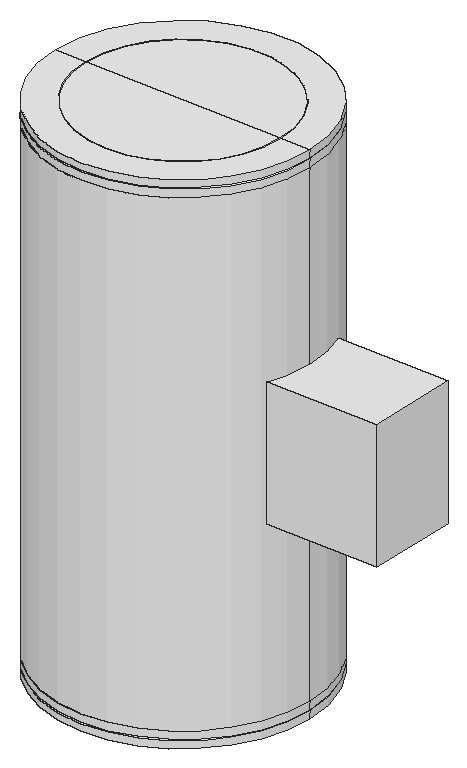
Revit family "Platek_Monaco_200_Applique_1_Opening", category Apparecchi per illuminazione, Revit 2018
Family settings
  Quota connettore circolare = Usa diametro
  Tipo di parte = Normale
  Basato su piano di lavoro = No
  Sempre verticale = Sì
  Taglio con vuoti quando caricato = No
  Sorgente d'illuminazione = Sì
  Condiviso = No
  Punto di calcolo locali = No
Parameters (values of type "8442418_21W_LED_3000K")
  Wattage = 10.8723 W
  Variazione temperatura colore lampada con luminosità attenuata = <Nessuno>
  URL = "www.platek.eu"
  built-in parameter 1150107 = 3000 (stored number, unit not read)
  Supply Voltage Min = 220 V
  Supply Voltage Max = 240 V
  Supply Voltage = 230 V
  Rendi la forma visibile nel rendering = no
  Produttore = "PLATEK SRL"  # constant formula
  Product Page URL = "https://www.platek.eu/ita/searching.php?search=8442418"
  Product Documentation Link = "https://www.platek.eu/ita/searching.php?search=8442418"
  Product Dimension = "L280mm x L200mm x 400mm"
  Power Supply Unit = "Included"
  built-in parameter 1150110 = 1 (stored number, unit not read)
  built-in parameter 1150109 = 1 (stored number, unit not read)
  built-in parameter 1114218 = 1 (stored number, unit not read)
  built-in parameter 1150112 = 1 (stored number, unit not read)
  PLATEK Article Code = "8442418"
  Nota chiave = "Other LED colors available on request"
  built-in parameter 1150142 = "IESNA:LM-63-2002\r\n[TEST] p1001-Q-Tech-Platek_Oblo\r\n[TESTLAB] Platek Light s.r.l.\r\n[TESTDATE] 21 Oct 2016\r\n[ISSUEDATE] 21 Oct 2016\r\n[MANUFAC] Platek Light s.r.l.\r\n[LUMCAT] 8442418\r\n[LUMINAIRE] Monaco 200 Applique 1F 21W (12 LED) 3000K 49° 220-240V 50/60Hz\r\n[FLASHAREA] 0.002299\r\n[LAMPCAT] 12x LED\r\n[LAMP] 12x LED - 21.00 W\r\nTILT=NONE\r\n1 1615.00 1.0 31 1 1 2 -0.110 -0.110 0.000\r\n1.00 1.00 21.00\r\n0.00 3.00 6.00 9.00 12.00 15.00 18.00 21.00 24.00 27.00 \r\n30.00 33.00 36.00 39.00 42.00 45.00 48.00 51.00 54.00 \r\n57.00 60.00 63.00 66.00 69.00 72.00 75.00 78.00 81.00 \r\n84.00 87.00 90.00 \r\n0.00 \r\n2222.78 2217.66 2211.56 2209.54 2171.77 2041.42 1816.48 \r\n1512.72 1165.30 831.76 562.23 375.15 256.75 183.83 137.84 \r\n107.63 86.71 71.17 58.98 48.73 39.51 31.13 23.72 17.46 \r\n12.15 7.77 4.32 1.81 0.49 0.19 0.00 \r\n"
  Mounting Type = "Wall"
  Modello = "Monaco 200 1Opening"  # constant formula
  built-in parameter 1150137 = (empty or 0)
  built-in parameter 1150132 = 2
  Manufacturer Comment = "1 Opening"
  Luminaure Luminous Intensity = 2223 cd
  Luminaire Wattage = 21 W
  Luminaire Luminous Flux = 1615 lm
  Lampada = "LED"
  LED Protection = "Surge protection included"
  built-in parameter 1150105 = 2222.8 (stored number, unit not read)
  built-in parameter 1150102 = (empty or 0)
  Insulation Class = "1"
  Inside Body = PLK_Optic
  Immagine tipo = monaco_200_applique.jpg
  built-in parameter 1150106 = 22.228 (stored number, unit not read)
  IP Rating = "IP65"
  IK Rating = "IK10"
  Glass = PLK_Light Source
  Frequency = "50/60 Hz"
  Lumens = 1615 lm
  Color Filter = 16777215
  File diagramma fotometrico = "8442418.IES"
  built-in parameter 1114217 = 1 (stored number, unit not read)
  built-in parameter 1150139 = (empty or 0)
  Energy Efficiency Rating = "A/A+/A++"
  Emetti da diametro cerchio = 160 mm
  built-in parameter 1150104 = 13.8 (stored number, unit not read)
  built-in parameter 1150115 = 1 (stored number, unit not read)
  built-in parameter 1150114 = 1 (stored number, unit not read)
  built-in parameter 1150113 = 1 (stored number, unit not read)
  Dimmable = "NO"
  Diffuse Type = "Transparent Glass"
  Descrizione = "Outdoor Lighting, Wall mounted"
  Commenti sul tipo = "Facades, Wall"
  Colour Temprature = 3000 K
  built-in parameter 1150134 = (empty or 0)
  built-in parameter 1150138 = (empty or 0)
  Codice assieme = "8442418.02(White);  8442418.06(Grey);  8442418.01(Black);  8442418.08(Anthracite); 8442418.07(Corten);  8442418.09(Bronze)"
  Cable Lenght = ""
  CRI = ">80"
  Body = PLK_06_Grey
  Tilt Angle = 90.00°
  built-in parameter 1150133 = 10 (stored number, unit not read)
Types (3, lengths in mm): name | Wattage | Product Page URL | Product Documentation Link | PLATEK Article Code | built-in parameter 1150142 | Luminaure Luminous Intensity | Luminaire Luminous Flux | built-in parameter 1150105 | built-in parameter 1150106 | Lumens | File diagramma fotometrico | Codice assieme
  (no name) | 10.8723 W | "https://www.platek.eu/ita/searching.php?search=8442418" | "https://www.platek.eu/ita/searching.php?search=8442418" | "8442418" | "IESNA:LM-63-2002\r\n[TEST] p1001-Q-Tech-Platek_Oblo\r\n[TESTLAB] Platek Light s.r.l.\r\n[TESTDATE] 21 Oct 2016\r\n[ISSUEDATE] 21 Oct 2016\r\n[MANUFAC] Platek Light s.r.l.\r\n[LUMCAT] 8442418\r\n[LUMINAIRE] Monaco 200 Applique 1F 21W (12 LED) 3000K 49° 220-240V 50/60Hz\r\n[FLASHAREA] 0.002299\r\n[LAMPCAT] 12x LED\r\n[LAMP] 12x LED - 21.00 W\r\nTILT=NONE\r\n1 1615.00 1.0 31 1 1 2 -0.110 -0.110 0.000\r\n1.00 1.00 21.00\r\n0.00 3.00 6.00 9.00 12.00 15.00 18.00 21.00 24.00 27.00 \r\n30.00 33.00 36.00 39.00 42.00 45.00 48.00 51.00 54.00 \r\n57.00 60.00 63.00 66.00 69.00 72.00 75.00 78.00 81.00 \r\n84.00 87.00 90.00 \r\n0.00 \r\n2222.78 2217.66 2211.56 2209.54 2171.77 2041.42 1816.48 \r\n1512.72 1165.30 831.76 562.23 375.15 256.75 183.83 137.84 \r\n107.63 86.71 71.17 58.98 48.73 39.51 31.13 23.72 17.46 \r\n12.15 7.77 4.32 1.81 0.49 0.19 0.00 \r\n" | 2223 cd | 1615 lm | 2222.8 (stored number, unit not read) | 22.228 (stored number, unit not read) | 1615 lm | "8442418.IES" | "8442418.02(White);  8442418.06(Grey);  8442418.01(Black);  8442418.08(Anthracite); 8442418.07(Corten);  8442418.09(Bronze)"
  8442411_21W_LED_3000K | 13.0266 W | "https://www.platek.eu/ita/searching.php?search=8442411" | "https://www.platek.eu/ita/searching.php?search=8442411" | "8442411" | "IESNA:LM-63-2002\r\n[TEST] Platek_Oblo12led_10_3000K\r\n[TESTLAB] Platek Light s.r.l.\r\n[TESTDATE] 21 Oct 2016\r\n[ISSUEDATE] 21 Oct 2016\r\n[MANUFAC] Platek Light s.r.l.\r\n[LUMCAT] 8442411\r\n[LUMINAIRE] Monaco 200 Applique 1F 21W (12 Led) 3000K 9° 220-240V 50/60Hz\r\n[FLASHAREA] 0.003724\r\n[LAMPCAT] 12x1,5W Led\r\n[LAMP] 12x1,5W Led - 21.00 W\r\nTILT=NONE\r\n1 1935.00 1.0 61 1 1 2 -0.140 -0.140 0.000\r\n1.00 1.00 21.00\r\n0.00 1.50 3.00 4.50 6.00 7.50 9.00 10.50 12.00 13.50 \r\n15.00 16.50 18.00 19.50 21.00 22.50 24.00 25.50 27.00 \r\n28.50 30.00 31.50 33.00 34.50 36.00 37.50 39.00 40.50 \r\n42.00 43.50 45.00 46.50 48.00 49.50 51.00 52.50 54.00 \r\n55.50 57.00 58.50 60.00 61.50 63.00 64.50 66.00 67.50 \r\n69.00 70.50 72.00 73.50 75.00 76.50 78.00 79.50 81.00 \r\n82.50 84.00 85.50 87.00 88.50 90.00 \r\n0.00 \r\n39086.58 37476.93 31244.96 21212.52 11977.33 6795.20 \r\n4804.98 3822.04 3048.24 2324.88 1729.69 1273.91 933.67 \r\n693.77 520.22 384.40 284.75 218.63 165.55 120.28 90.91 \r\n73.89 62.64 55.02 49.51 44.99 40.99 36.89 32.52 28.25 \r\n24.70 21.70 19.08 16.90 15.15 13.68 12.36 11.19 10.13 \r\n9.19 8.30 7.42 6.54 5.66 4.78 3.96 3.19 2.48 1.87 1.37 \r\n0.95 0.62 0.40 0.26 0.18 0.14 0.11 0.09 0.08 0.07 0.00 \r\n" | 39086 cd | 1935 lm | 39086.6 (stored number, unit not read) | 390.87 (stored number, unit not read) | 1935 lm | "8442411.IES" | "8442411.02(White);  8442411.06(Grey);  8442411.01(Black);  8442411.08(Anthracite); 8442411.07(Corten);  8442411.09(Bronze)"
  8442418_21W_LED_3000K | 10.8723 W | "https://www.platek.eu/ita/searching.php?search=8442418" | "https://www.platek.eu/ita/searching.php?search=8442418" | "8442418" | "IESNA:LM-63-2002\r\n[TEST] p1001-Q-Tech-Platek_Oblo\r\n[TESTLAB] Platek Light s.r.l.\r\n[TESTDATE] 21 Oct 2016\r\n[ISSUEDATE] 21 Oct 2016\r\n[MANUFAC] Platek Light s.r.l.\r\n[LUMCAT] 8442418\r\n[LUMINAIRE] Monaco 200 Applique 1F 21W (12 LED) 3000K 49° 220-240V 50/60Hz\r\n[FLASHAREA] 0.002299\r\n[LAMPCAT] 12x LED\r\n[LAMP] 12x LED - 21.00 W\r\nTILT=NONE\r\n1 1615.00 1.0 31 1 1 2 -0.110 -0.110 0.000\r\n1.00 1.00 21.00\r\n0.00 3.00 6.00 9.00 12.00 15.00 18.00 21.00 24.00 27.00 \r\n30.00 33.00 36.00 39.00 42.00 45.00 48.00 51.00 54.00 \r\n57.00 60.00 63.00 66.00 69.00 72.00 75.00 78.00 81.00 \r\n84.00 87.00 90.00 \r\n0.00 \r\n2222.78 2217.66 2211.56 2209.54 2171.77 2041.42 1816.48 \r\n1512.72 1165.30 831.76 562.23 375.15 256.75 183.83 137.84 \r\n107.63 86.71 71.17 58.98 48.73 39.51 31.13 23.72 17.46 \r\n12.15 7.77 4.32 1.81 0.49 0.19 0.00 \r\n" | 2223 cd | 1615 lm | 2222.8 (stored number, unit not read) | 22.228 (stored number, unit not read) | 1615 lm | "8442418.IES" | "8442418.02(White);  8442418.06(Grey);  8442418.01(Black);  8442418.08(Anthracite); 8442418.07(Corten);  8442418.09(Bronze)"
Reference planes
  plane 1 "Centro (Fronte/Retro)": y = 0
  plane 2: z = 0
  plane 3 "Centro (Sinistra/Destra)": x = 0
  plane 4: z = 400
  plane 5: x = -179.93
  plane 6: z = 200
  plane 7: z = 240
  plane 8: z = 160
  plane 9: z = 12.5
  plane 10: x = -256.43
  plane 11: x = -103.43
  plane 12: z = 387.5
  plane 13: x = -216.43
  plane 14: x = -142.93
  plane 15: z = 250
  plane 16: z = 150
Forms (mm)
  Extrusion 1, solid, material "PLK_06_Grey" <- "Body", detail levels medium+fine
    sketch origin (0, 0, 0) x (1, 0, 0) y (0, 1, 0)
      loop
        circle (-179.93, 0) r 100
    from 12.5 to 387.5
  Revolve 2, void
    sketch origin (0, 0, 0) x (1, 0, 0) y (0, 0, 1)
      loop
        line (-256.43, 160) -> (-256.43, -10.616) -> (-179.93, -10.616) -> (-179.93, 160) -> (-256.43, 160)
      axis (-179.93, -10.616) -> (-179.93, 160)
    angle from 0 to 360
  Revolve 3, solid, material "PLK_06_Grey" <- "Body", detail levels medium+fine
    sketch origin (0, 0, 0) x (1, 0, 0) y (0, 0, 1)
      loop
        line (-279.93, 5.371) -> (-279.93, 0) -> (-256.43, 0) -> (-256.43, 5.371) -> (-279.93, 5.371)
      axis (-179.93, 0) -> (-179.93, 5.371)
    angle from 0 to 360
  Revolve 4, solid, material "PLK_06_Grey" <- "Body", detail levels medium+fine
    sketch origin (0, 0, 0) x (1, 0, 0) y (0, 0, 1)
      loop
        line (-256.43, 12.5) -> (-279.93, 12.5) -> (-279.93, 6.5) -> (-258.278, 6.5) -> (-258.278, 5.371) -> (-256.43, 5.371) -> (-256.43, 12.5)
      axis (-179.93, 5.371) -> (-179.93, 12.5)
    angle from 0 to 360
  Revolve 5, solid, material "PLK_06_Grey" <- "Body", detail levels medium+fine
    sketch origin (0, 0, 400) x (1, 0, 0) y (0, 0, -1)
      loop
        line (-256.43, 12.5) -> (-279.93, 12.5) -> (-279.93, 6.5) -> (-258.278, 6.5) -> (-258.278, 5.371) -> (-256.43, 5.371) -> (-256.43, 12.5)
      axis (-179.93, 5.371) -> (-179.93, 12.5)
    angle from 0 to 360
  Revolve 6, solid, material "PLK_06_Grey" <- "Body", detail levels medium+fine
    sketch origin (0, 0, 400) x (1, 0, 0) y (0, 0, -1)
      loop
        line (-279.93, 5.371) -> (-279.93, 0) -> (-256.43, 0) -> (-256.43, 5.371) -> (-279.93, 5.371)
      axis (-179.93, 0) -> (-179.93, 5.371)
    angle from 0 to 360
  Revolve 7, solid, material "PLK_Light Source" <- "Glass", detail levels medium+fine
    sketch origin (0, 0, 0) x (1, 0, 0) y (0, 0, 1)
      loop
        line (-256.43, 0) -> (-179.93, 0) -> (-179.93, 12.023) -> (-256.43, 12.023) -> (-256.43, 0)
      axis (-179.93, 0) -> (-179.93, 12.023)
    angle from 0 to 360
  Revolve 8, solid, material "PLK_06_Grey" <- "Body", detail levels medium+fine
    sketch origin (0, 0, 400) x (1, 0, 0) y (0, 0, -1)
      loop
        line (-256.43, 0) -> (-179.93, 0) -> (-179.93, 12.023) -> (-256.43, 12.023) -> (-256.43, 0)
      axis (-179.93, 0) -> (-179.93, 12.023)
    angle from 0 to 360
  Revolve 9, solid, material "PLK_Optic" <- "Inside Body", detail levels medium+fine
    sketch origin (0, 0, 0) x (1, 0, 0) y (0, 0, 1)
      loop
        line (-256.43, 12.5) -> (-253.633, 12.5) -> (-253.633, 29.64) -> (-179.93, 29.64) -> (-179.93, 32.5) -> (-256.43, 32.5) -> (-256.43, 12.5)
      axis (-179.93, 12.5) -> (-179.93, 32.5)
    angle from 0 to 360
  Extrusion 10, solid, material "PLK_06_Grey" <- "Body", detail levels coarse
    sketch origin (0, 0, 0) x (1, 0, 0) y (0, 1, 0)
      loop
        circle (-179.93, 0) r 100
    from 0 to 400
  Extrusion 11, solid, material "PLK_06_Grey" <- "Body"
    sketch origin (0, 0, 0) x (1, 0, 0) y (0, 1, 0)
      loop
        arc (-86.255, 35) -> (-79.93, 0) -> (-86.255, -35) r 100
        line (-86.255, -35) -> (0, -35) -> (0, 35) -> (-86.255, 35)
    from 150 to 250
Cuts and joins
  Revolve 2 cuts Extrusion 1
Lines and regions (mm)
  model lines
    curve 1: line (-179.93, 94.25, 0) -> (-179.93, -99.5, 0)
Dimensions and locks
  equal spacing: plane 11, plane 5, plane 10, locked at 76.5 each
  plane 4 to plane 12 to plane 7 to plane 6 to plane 8 to plane 9 to level = 12.5 mm locked, 147.5 mm locked, 40 mm locked, 40 mm locked, 147.5 mm locked, 12.5 mm locked
  locked: plane 5 to plane 3 "Centro (Sinistra/Destra)" at 179.93
  plane 14 to plane 5 to plane 13 = 37 mm, 36.5 mm
  equal spacing: plane 15, plane 6, plane 16
  radius of Extrusion 1 sketch curve = 100 mm
  radius of Extrusion 10 sketch curve = 100 mm
  aligned and locked: level to plane 2
  aligned and locked: Revolve 2 sketch curve to plane 5
  aligned and locked: cut or joined group of Extrusion 1, Revolve 2 to plane 9
  aligned and locked: plane 12 to cut or joined group of Extrusion 1, Revolve 2
  aligned and locked: Revolve 3 sketch curve to plane 5
  aligned and locked: Revolve 4 sketch curve to plane 5
  aligned and locked: Revolve 7 sketch curve to plane 5
  aligned and locked: Revolve 9 sketch curve to plane 5
  aligned and locked: plane 4 to Extrusion 10
  aligned and locked: Extrusion 10 to level
  aligned and locked: plane 15 to Extrusion 11
  aligned and locked: Extrusion 11 to plane 16
  aligned and locked: imposter light to plane 5
Automatic sketch dimensions
  curve 1 to plane 5 = 0 mm
  plane 1 "Centro (Fronte/Retro)" to curve 1 = 99.5 mm
  curve 1 to plane 1 "Centro (Fronte/Retro)" = 94.25 mm
  plane 1 "Centro (Fronte/Retro)" to Extrusion 1 sketch curve = 0 mm
  Extrusion 1 sketch curve to plane 5 = 0 mm
  Revolve 2 sketch curve to plane 8 = 0 mm
  Revolve 2 sketch curve to plane 10 = 0 mm
  plane 5 to Revolve 2 sketch curve = 0 mm
  Revolve 2 sketch curve to level = 10.616 mm
  Revolve 2 sketch curve to Revolve 2 sketch curve = 69.007 mm
  plane 4 to Revolve 2 sketch curve = 454.295 mm
  Revolve 3 sketch curve to level = 0 mm
  Revolve 3 sketch curve to plane 10 = 0 mm
  level to Revolve 3 sketch curve = 5.371 mm
  Revolve 3 sketch curve to plane 10 = 23.5 mm
  Revolve 3 sketch curve to level = 79.623 mm
  plane 4 to Revolve 3 sketch curve = 454.295 mm
  Revolve 4 sketch curve to plane 9 = 0 mm
  Revolve 4 sketch curve to plane 10 = 0 mm
  Revolve 4 sketch curve to plane 10 = 1.848 mm
  Revolve 4 sketch curve to plane 9 = 6 mm
  Revolve 4 sketch curve to Revolve 4 sketch curve = 21.652 mm
  Revolve 4 sketch curve to Revolve 4 sketch curve = 1.129 mm
  Revolve 4 sketch curve to level = 79.623 mm
  plane 4 to Revolve 4 sketch curve = 454.295 mm
  Revolve 5 sketch curve to plane 12 = 0 mm
  Revolve 5 sketch curve to plane 10 = 0 mm
  plane 5 to Revolve 5 sketch curve = 0 mm
  Revolve 5 sketch curve to Revolve 5 sketch curve = 1.848 mm
  Revolve 5 sketch curve to plane 12 = 6 mm
  Revolve 5 sketch curve to Revolve 5 sketch curve = 21.652 mm
  Revolve 5 sketch curve to Revolve 5 sketch curve = 1.129 mm
  Revolve 5 sketch curve to plane 4 = 79.623 mm
  level to Revolve 5 sketch curve = 454.295 mm
  Revolve 6 sketch curve to plane 4 = 0 mm
  Revolve 6 sketch curve to plane 10 = 0 mm
  plane 5 to Revolve 6 sketch curve = 0 mm
  plane 4 to Revolve 6 sketch curve = 5.371 mm
  Revolve 6 sketch curve to Revolve 6 sketch curve = 23.5 mm
  Revolve 6 sketch curve to plane 4 = 79.623 mm
  level to Revolve 6 sketch curve = 454.295 mm
  Revolve 7 sketch curve to plane 10 = 0 mm
  Revolve 7 sketch curve to level = 0 mm
  plane 5 to Revolve 7 sketch curve = 0 mm
  Revolve 7 sketch curve to plane 9 = 0.477 mm
  Revolve 7 sketch curve to Revolve 7 sketch curve = 79.623 mm
  plane 4 to Revolve 7 sketch curve = 454.295 mm
  Revolve 8 sketch curve to plane 10 = 0 mm
  Revolve 8 sketch curve to plane 4 = 0 mm
  plane 5 to Revolve 8 sketch curve = 0 mm  (x2)
  Revolve 8 sketch curve to plane 12 = 0.477 mm
  Revolve 8 sketch curve to plane 4 = 79.623 mm
  level to Revolve 8 sketch curve = 454.295 mm
  Revolve 9 sketch curve to plane 10 = 0 mm
  Revolve 9 sketch curve to plane 9 = 0 mm
  plane 5 to Revolve 9 sketch curve = 0 mm
  plane 10 to Revolve 9 sketch curve = 2.797 mm
  plane 9 to Revolve 9 sketch curve = 17.14 mm
  Revolve 9 sketch curve to Revolve 9 sketch curve = 2.86 mm
  Revolve 9 sketch curve to level = 79.623 mm
  plane 4 to Revolve 9 sketch curve = 454.295 mm
  plane 1 "Centro (Fronte/Retro)" to Extrusion 10 sketch curve = 0 mm
  Extrusion 10 sketch curve to plane 5 = 0 mm
  plane 1 "Centro (Fronte/Retro)" to Extrusion 11 sketch curve = 0 mm
  Extrusion 11 sketch curve to plane 5 = 0 mm
  Extrusion 11 sketch curve to plane 3 "Centro (Sinistra/Destra)" = 0 mm
  Extrusion 11 sketch curve to plane 1 "Centro (Fronte/Retro)" = 35 mm
  plane 11 to Extrusion 11 sketch curve = 17.175 mm  (x2)
Connectors
  electrical at (0, 0, 200)
    settings: on Extrusion 11, index 1, voltage 0 V, apparent load 0 VA, apparent load phase1 0 VA, apparent load phase2 0 VA, apparent load phase3 0 VA, power factor 1, load classification "Altro", number of poles 1, system type 31, power factor state 1, is connector primary yes, connector utility no, sub classification motor no, connector description ""
